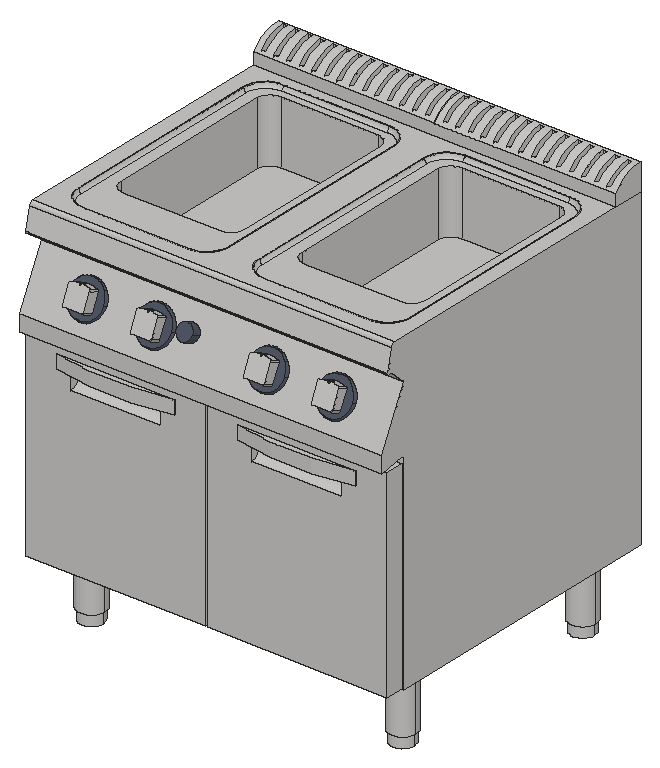
Revit family "QF_ZANUSSI_372091_Z7PCGH2KF0", category Specialty Equipment, Revit 2018
Family settings
  Round Connector Dimension = Use Diameter
  Part Type = Normal
  Work Plane-Based = No
  Always vertical = Yes
  Cut with Voids When Loaded = No
  Shared = No
  Room Calculation Point = No
Parameters
  Width = 800 mm  # constant formula
  Weight in Pounds = 110  # constant formula
  Weight = 0.00 kg
  Watts = 0 W
  Waste Water Discharge Temperature [instance] = -459.67 °F
  Volts = 0 V
  URL Manufacturer = "http://www.zanussiprofessional.com"
  URL Cutsheet = "www.electrolux.com/foodservice"
  URL = "http://www.zanussiprofessional.com"
  Type Mark [instance] = ""
  Steam Supply Size = 0"
  Steam Supply Minimum Pressure = 0.00 psi
  Steam Supply Maximum Pressure = 0.00 psi
  Steam Pounds per Hour = 0
  Status [instance] = ""
  Specification by User [instance] = ""
  Specification by Manufacturer = ""
  Show Logo [instance] = yes
  Show Clearance [instance] = yes
  Serial Number = ""
  Seismic Rating = ""
  SMACNA No = ""
  Revision Code [instance] = ""
  Refrigeration Suction Line Size = 0"
  Refrigeration Liquid Line Size = 0"
  Refrigerant Compressor Remote = yes
  Plumbing Remarks [instance] = ""
  Plumbing Connection Type [instance] = ""
  Phase = 0
  Omniclass Number and Title = ""
  NAFEM Spec ID Number = ""
  Model = "Z7PCGH2KF0"
  Mechanical Remarks [instance] = ""
  Mechanical Connection Type [instance] = ""
  Masterspec = ""
  Manufacturer = "Zanussi"
  Length Actual = 800 mm  # constant formula
  Item Number [instance] = "372091"
  Installed By [instance] = ""
  Indirect Waste Size = 1"  # constant formula
  Indirect Waste Flow [instance] = 0 GPM
  Indirect Waste Connection Type [instance] = ""
  Indirect Waste Connection Height = 0 mm
  Identify Quantity as Lot [instance] = yes
  Hot Water Size = 0"
  Height Actual = 850 mm  # constant formula
  Height = 333 mm  # constant formula
  HP = "0 HP"
  Gas Size = 1/2"  # constant formula
  Gas RI Height [instance] = 0 mm
  Gas KW [instance] = 21  # constant formula
  Gas Input [instance] = 71589.0 Btu/h  # constant formula
  Gas Connection Height = 0 mm
  Furnished By [instance] = ""
  Foodservice Equipment Identifier [instance] = yes
  Direct Waste Size = 1"
  Description = "2-WELL GAS PASTA COOKER 2X24,5 LT 800 MM"
  Depth Actual = 700 mm  # constant formula
  Depth = 715 mm  # constant formula
  Cycle = 0 Hz
  Condensate Return Size = 0"
  Compressed Air Volume = 0 GPM
  Compressed Air Size = 0"
  Compressed Air Pressure = 0.00 psi
  Cold Water Temperature Recommended [instance] = -459.67 °F
  Cold Water Size = 1/2"  # constant formula
  Cold Water RI Height [instance] = 0 mm
  Cold Water Minimum Pressure [instance] = 0.00 psi
  Cold Water Maximum Pressure [instance] = 0.00 psi
  Cold Water Flow [instance] = 0 GPM
  Cold Water Consumption [instance] = ""
  Cold Water Connection Height = 0 mm
  CSI MasterFormat = ""
  CSI Master Format = ""
  Base Height [instance] = 150 mm  # constant formula
  Accessory = yes
Reference planes
  plane 1 "BACK": y = 0
  plane 2: z = 0
  plane 3 "LEFT": x = 0
  plane 4 "RIGHT": x = 800
  plane 5 "FRONT": y = -715
  plane 6 "TOP": z = 908
  plane 7 "Center Y": x = 400
  plane 8 "Center X": y = -357.5
  plane 9 "BASE": z = 600
  plane 10 "TOP A": z = 850
  plane 11: y = -597.884
  plane 12: y = -147.637
  plane 13: z = 938
  plane 14: z = 150
Forms (mm)
  Extrusion 1, solid, material "QF_Finishes_Stainless Steel"
    sketch origin (0, 0, 0) x (0, 1, 0) y (0, 0, 1)
      loop
        line (0, 850) -> (-679.358, 850)
        arc (-679.358, 850) -> (-684.643, 847.811) -> (-686.833, 842.526) r 7.474
        line (-686.833, 842.526) -> (-699.884, 797.011)
        arc (-699.884, 797.011) -> (-699.396, 794.379) -> (-697, 793.184) r 3
        line (-697, 793.184) -> (-686.802, 793.184) -> (-654.982, 761.364) -> (-715, 640.508) -> (-715, 605.508) -> (-658.645, 613.428)
        arc (-658.645, 613.428) -> (-656.101, 612.674) -> (-655, 610.259) r 3.2
        line (-655, 610.259) -> (-655, 150) -> (0, 150) -> (0, 850)
      loop
        line (-700, 600) -> (-700, 155) -> (-660, 155) -> (-660, 600) -> (-700, 600)
    from 0 to 800
  Extrusion 2, solid, material "QF_Finishes_Stainless Steel"
    sketch origin (0, 0, 0) x (0, 1, 0) y (0, 0, 1)
      loop
        line (0, 850) -> (0, 908)
        arc (0, 908) -> (-38.715, 899.821) -> (-69.85, 875.4) r 87.358
        line (-69.85, 875.4) -> (-69.85, 850) -> (0, 850)
    from 0 to 800
  Extrusion 3, void
    sketch origin (0, 0, 850) x (-1, 0, 0) y (0, -1, 0)
      loop
        arc (-316.662, 645.265) -> (-352.018, 630.62) -> (-366.662, 595.265) r 50
        line (-366.662, 595.265) -> (-366.662, 140.124)
        arc (-366.662, 140.124) -> (-352.018, 104.769) -> (-316.662, 90.124) r 50
        line (-316.662, 90.124) -> (-83.338, 90.124)
        arc (-83.338, 90.124) -> (-47.982, 104.769) -> (-33.338, 140.124) r 50
        line (-33.338, 140.124) -> (-33.338, 595.265)
        arc (-33.338, 595.265) -> (-47.982, 630.62) -> (-83.338, 645.265) r 50
        line (-83.338, 645.265) -> (-316.662, 645.265)
      loop
        line (-483.337, 645.265) -> (-716.662, 645.265)
        arc (-716.662, 645.265) -> (-752.018, 630.62) -> (-766.662, 595.265) r 50
        line (-766.662, 595.265) -> (-766.662, 140.124)
        arc (-766.662, 140.124) -> (-752.018, 104.769) -> (-716.662, 90.124) r 50
        line (-716.662, 90.124) -> (-483.337, 90.124)
        arc (-483.337, 90.124) -> (-447.982, 104.769) -> (-433.337, 140.124) r 50
        line (-433.337, 140.124) -> (-433.337, 595.265)
        arc (-433.337, 595.265) -> (-447.982, 630.62) -> (-483.337, 645.265) r 50
    from 0 to -152.4
  Extrusion 4, void
    sketch origin (0, 0, 850) x (-1, 0, 0) y (0, -1, 0)
      loop
        line (-13.453, 6.761) -> (-13.453, 63.911) -> (-22.749, 63.911) -> (-22.749, 6.761) -> (-13.453, 6.761)
    from 25.4 to 63.5
  Extrusion 5, solid, material "QF_Finishes_Clearance", visible <- "Show Clearance", detail levels coarse
    sketch origin (0, 0, 0) x (1, 0, 0) y (0, 1, 0)
      loop
        line (0, -715) -> (0, 0) -> (800, 0) -> (800, -715) -> (950.019, -715) -> (950.019, 150.019) -> (-150.019, 150.019) -> (-150.019, -715) -> (0, -715)
    from 0 to 908
  Extrusion 6, void
    sketch origin (361.95, 0, 850) x (-1, 0, 0) y (0, -1, 0)
      loop
        line (-13.403, 6.761) -> (-13.403, 63.911) -> (-22.699, 63.911) -> (-22.699, 6.761) -> (-13.403, 6.761)
    from 25.4 to 63.5
  Extrusion 7, void
    sketch origin (27.842, 0, 850) x (-1, 0, 0) y (0, -1, 0)
      loop
        line (-13.453, 6.761) -> (-13.453, 63.911) -> (-22.749, 63.911) -> (-22.749, 6.761) -> (-13.453, 6.761)
    from 25.4 to 63.5
  Extrusion 8, void
    sketch origin (55.685, 0, 850) x (-1, 0, 0) y (0, -1, 0)
      loop
        line (-13.453, 6.761) -> (-13.453, 63.911) -> (-22.749, 63.911) -> (-22.749, 6.761) -> (-13.453, 6.761)
    from 25.4 to 63.5
  Extrusion 9, void
    sketch origin (83.527, 0, 850) x (-1, 0, 0) y (0, -1, 0)
      loop
        line (-13.453, 6.761) -> (-13.453, 63.911) -> (-22.749, 63.911) -> (-22.749, 6.761) -> (-13.453, 6.761)
    from 25.4 to 63.5
  Extrusion 10, void
    sketch origin (111.369, 0, 850) x (-1, 0, 0) y (0, -1, 0)
      loop
        line (-13.453, 6.761) -> (-13.453, 63.911) -> (-22.749, 63.911) -> (-22.749, 6.761) -> (-13.453, 6.761)
    from 25.4 to 63.5
  Extrusion 11, void
    sketch origin (139.212, 0, 850) x (-1, 0, 0) y (0, -1, 0)
      loop
        line (-13.453, 6.761) -> (-13.453, 63.911) -> (-22.749, 63.911) -> (-22.749, 6.761) -> (-13.453, 6.761)
    from 25.4 to 63.5
  Extrusion 12, void
    sketch origin (167.054, 0, 850) x (-1, 0, 0) y (0, -1, 0)
      loop
        line (-13.453, 6.761) -> (-13.453, 63.911) -> (-22.749, 63.911) -> (-22.749, 6.761) -> (-13.453, 6.761)
    from 25.4 to 63.5
  Extrusion 13, void
    sketch origin (194.896, 0, 850) x (-1, 0, 0) y (0, -1, 0)
      loop
        line (-13.403, 6.761) -> (-13.403, 63.911) -> (-22.699, 63.911) -> (-22.699, 6.761) -> (-13.403, 6.761)
    from 25.4 to 63.5
  Extrusion 14, void
    sketch origin (222.738, 0, 850) x (-1, 0, 0) y (0, -1, 0)
      loop
        line (-13.403, 6.761) -> (-13.403, 63.911) -> (-22.699, 63.911) -> (-22.699, 6.761) -> (-13.403, 6.761)
    from 25.4 to 63.5
  Extrusion 15, void
    sketch origin (250.581, 0, 850) x (-1, 0, 0) y (0, -1, 0)
      loop
        line (-13.403, 6.761) -> (-13.403, 63.911) -> (-22.699, 63.911) -> (-22.699, 6.761) -> (-13.403, 6.761)
    from 25.4 to 63.5
  Extrusion 16, void
    sketch origin (278.423, 0, 850) x (-1, 0, 0) y (0, -1, 0)
      loop
        line (-13.403, 6.761) -> (-13.403, 63.911) -> (-22.699, 63.911) -> (-22.699, 6.761) -> (-13.403, 6.761)
    from 25.4 to 63.5
  Extrusion 17, void
    sketch origin (306.265, 0, 850) x (-1, 0, 0) y (0, -1, 0)
      loop
        line (-13.403, 6.761) -> (-13.403, 63.911) -> (-22.699, 63.911) -> (-22.699, 6.761) -> (-13.403, 6.761)
    from 25.4 to 63.5
  Extrusion 18, void
    sketch origin (334.108, 0, 850) x (-1, 0, 0) y (0, -1, 0)
      loop
        line (-13.403, 6.761) -> (-13.403, 63.911) -> (-22.699, 63.911) -> (-22.699, 6.761) -> (-13.403, 6.761)
    from 25.4 to 63.5
  Extrusion 19, void
    sketch origin (800.1, 0, 850) x (1, 0, 0) y (0, 1, 0)
      loop
        line (-13.553, -6.761) -> (-22.849, -6.761) -> (-22.849, -63.911) -> (-13.553, -63.911) -> (-13.553, -6.761)
    from 25.4 to 63.5
  Extrusion 20, void
    sketch origin (438.15, 0, 850) x (1, 0, 0) y (0, 1, 0)
      loop
        line (-13.503, -6.761) -> (-22.799, -6.761) -> (-22.799, -63.911) -> (-13.503, -63.911) -> (-13.503, -6.761)
    from 25.4 to 63.5
  Extrusion 21, void
    sketch origin (772.258, 0, 850) x (1, 0, 0) y (0, 1, 0)
      loop
        line (-13.553, -6.761) -> (-22.849, -6.761) -> (-22.849, -63.911) -> (-13.553, -63.911) -> (-13.553, -6.761)
    from 25.4 to 63.5
  Extrusion 22, void
    sketch origin (744.415, 0, 850) x (1, 0, 0) y (0, 1, 0)
      loop
        line (-13.553, -6.761) -> (-22.849, -6.761) -> (-22.849, -63.911) -> (-13.553, -63.911) -> (-13.553, -6.761)
    from 25.4 to 63.5
  Extrusion 23, void
    sketch origin (716.573, 0, 850) x (1, 0, 0) y (0, 1, 0)
      loop
        line (-13.553, -6.761) -> (-22.849, -6.761) -> (-22.849, -63.911) -> (-13.553, -63.911) -> (-13.553, -6.761)
    from 25.4 to 63.5
  Extrusion 24, void
    sketch origin (688.731, 0, 850) x (1, 0, 0) y (0, 1, 0)
      loop
        line (-13.553, -6.761) -> (-22.849, -6.761) -> (-22.849, -63.911) -> (-13.553, -63.911) -> (-13.553, -6.761)
    from 25.4 to 63.5
  Extrusion 25, void
    sketch origin (660.888, 0, 850) x (1, 0, 0) y (0, 1, 0)
      loop
        line (-13.553, -6.761) -> (-22.849, -6.761) -> (-22.849, -63.911) -> (-13.553, -63.911) -> (-13.553, -6.761)
    from 25.4 to 63.5
  Extrusion 26, void
    sketch origin (633.046, 0, 850) x (1, 0, 0) y (0, 1, 0)
      loop
        line (-13.553, -6.761) -> (-22.849, -6.761) -> (-22.849, -63.911) -> (-13.553, -63.911) -> (-13.553, -6.761)
    from 25.4 to 63.5
  Extrusion 27, void
    sketch origin (605.204, 0, 850) x (1, 0, 0) y (0, 1, 0)
      loop
        line (-13.503, -6.761) -> (-22.799, -6.761) -> (-22.799, -63.911) -> (-13.503, -63.911) -> (-13.503, -6.761)
    from 25.4 to 63.5
  Extrusion 28, void
    sketch origin (577.362, 0, 850) x (1, 0, 0) y (0, 1, 0)
      loop
        line (-13.503, -6.761) -> (-22.799, -6.761) -> (-22.799, -63.911) -> (-13.503, -63.911) -> (-13.503, -6.761)
    from 25.4 to 63.5
  Extrusion 29, void
    sketch origin (549.519, 0, 850) x (1, 0, 0) y (0, 1, 0)
      loop
        line (-13.503, -6.761) -> (-22.799, -6.761) -> (-22.799, -63.911) -> (-13.503, -63.911) -> (-13.503, -6.761)
    from 25.4 to 63.5
  Extrusion 30, void
    sketch origin (521.677, 0, 850) x (1, 0, 0) y (0, 1, 0)
      loop
        line (-13.503, -6.761) -> (-22.799, -6.761) -> (-22.799, -63.911) -> (-13.503, -63.911) -> (-13.503, -6.761)
    from 25.4 to 63.5
  Extrusion 31, void
    sketch origin (493.835, 0, 850) x (1, 0, 0) y (0, 1, 0)
      loop
        line (-13.503, -6.761) -> (-22.799, -6.761) -> (-22.799, -63.911) -> (-13.503, -63.911) -> (-13.503, -6.761)
    from 25.4 to 63.5
  Extrusion 32, void
    sketch origin (465.992, 0, 850) x (1, 0, 0) y (0, 1, 0)
      loop
        line (-13.503, -6.761) -> (-22.799, -6.761) -> (-22.799, -63.911) -> (-13.503, -63.911) -> (-13.503, -6.761)
    from 25.4 to 63.5
  Extrusion 33, void
    sketch origin (418.151, 0, 850) x (1, 0, 0) y (0, 1, 0)
      loop
        line (-16.563, 0) -> (-19.738, 0) -> (-19.738, -69.85) -> (-16.563, -69.85) -> (-16.563, 0)
    from 25.4 to 63.5
  Revolve 34, solid, material "QF_Finishes_Stainless Steel"
    sketch origin (0, -587.387, 608.09) x (0, 0, 1) y (-1, 0, 0)
      loop
        line (-608.09, -56) -> (-458.09, -56) -> (-458.09, -26) -> (-583.09, -26) -> (-583.09, -29.75) -> (-608.09, -29.75) -> (-608.09, -56)
      axis (-608.09, -56) -> (-458.09, -56)
    angle from 0 to 360
  Revolve 35, solid, material "QF_Finishes_Stainless Steel"
    sketch origin (0, -90, 608.09) x (0, 0, 1) y (-1, 0, 0)
      loop
        line (-608.09, -56) -> (-458.09, -56) -> (-458.09, -26) -> (-583.09, -26) -> (-583.09, -29.75) -> (-608.09, -29.75) -> (-608.09, -56)
      axis (-608.09, -56) -> (-458.09, -56)
    angle from 0 to 360
  Revolve 36, solid, material "QF_Finishes_Stainless Steel"
    sketch origin (800.1, -587.387, 608.09) x (0, 0, 1) y (-1, 0, 0)
      loop
        line (-608.09, 56.1) -> (-608.09, 29.85) -> (-583.09, 29.85) -> (-583.09, 26.1) -> (-458.09, 26.1) -> (-458.09, 56.1) -> (-608.09, 56.1)
      axis (-608.09, 56.1) -> (-458.09, 56.1)
    angle from 0 to 360
  Revolve 37, solid, material "QF_Finishes_Stainless Steel"
    sketch origin (800.1, -90, 608.09) x (0, 0, 1) y (-1, 0, 0)
      loop
        line (-608.09, 56.1) -> (-608.09, 29.85) -> (-583.09, 29.85) -> (-583.09, 26.1) -> (-458.09, 26.1) -> (-458.09, 56.1) -> (-608.09, 56.1)
      axis (-608.09, 56.1) -> (-458.09, 56.1)
    angle from 0 to 360
  Extrusion 38, solid, material "QF_Finishes_Stainless Steel"
    sketch origin (-77.88, -4572, 150) x (-1, 0, 0) y (0, -1, 0)
      loop
        circle (-142.88, -4069) r 6.35
      loop
        circle (-709.88, -3991) r 12.7
      loop
        circle (-812.88, -4071) r 6.35
      loop
        circle (-309.88, -3991) r 12.7
    from 0 to -12.7
  Extrusion 39, solid, material "QF_Finishes_Stainless Steel"
    sketch origin (-77.88, -4572, 850) x (-1, 0, 0) y (0, -1, 0)
      loop
        line (-111.217, -4431.876) -> (-111.217, -3976.735)
        arc (-111.217, -3976.735) -> (-125.862, -3941.38) -> (-161.217, -3926.735) r 50
        line (-161.217, -3926.735) -> (-394.542, -3926.735)
        arc (-394.542, -3926.735) -> (-429.897, -3941.38) -> (-444.542, -3976.735) r 50
        line (-444.542, -3976.735) -> (-444.542, -4431.876)
        arc (-444.542, -4431.876) -> (-429.897, -4467.231) -> (-394.542, -4481.876) r 50
        line (-394.542, -4481.876) -> (-161.217, -4481.876)
        arc (-161.217, -4481.876) -> (-125.862, -4467.231) -> (-111.217, -4431.876) r 50
      loop
        arc (-414.542, -4431.876) -> (-405.755, -4453.089) -> (-384.542, -4461.876) r 30
        line (-384.542, -4461.876) -> (-171.217, -4461.876)
        arc (-171.217, -4461.876) -> (-150.004, -4453.089) -> (-141.217, -4431.876) r 30
        line (-141.217, -4431.876) -> (-141.217, -4056.735)
        arc (-141.217, -4056.735) -> (-150.004, -4035.522) -> (-171.217, -4026.735) r 30
        line (-171.217, -4026.735) -> (-384.542, -4026.735)
        arc (-384.542, -4026.735) -> (-405.755, -4035.522) -> (-414.542, -4056.735) r 30
        line (-414.542, -4056.735) -> (-414.542, -4431.876)
      loop
        arc (-844.542, -4431.876) -> (-829.897, -4467.231) -> (-794.542, -4481.876) r 50
        line (-794.542, -4481.876) -> (-561.217, -4481.876)
        arc (-561.217, -4481.876) -> (-525.862, -4467.231) -> (-511.217, -4431.876) r 50
        line (-511.217, -4431.876) -> (-511.217, -3976.735)
        arc (-511.217, -3976.735) -> (-525.862, -3941.38) -> (-561.217, -3926.735) r 50
        line (-561.217, -3926.735) -> (-794.542, -3926.735)
        arc (-794.542, -3926.735) -> (-829.897, -3941.38) -> (-844.542, -3976.735) r 50
        line (-844.542, -3976.735) -> (-844.542, -4431.876)
      loop
        line (-541.217, -4431.876) -> (-541.217, -4056.735)
        arc (-541.217, -4056.735) -> (-550.004, -4035.522) -> (-571.217, -4026.735) r 30
        line (-571.217, -4026.735) -> (-784.542, -4026.735)
        arc (-784.542, -4026.735) -> (-805.755, -4035.522) -> (-814.542, -4056.735) r 30
        line (-814.542, -4056.735) -> (-814.542, -4431.876)
        arc (-814.542, -4431.876) -> (-805.755, -4453.089) -> (-784.542, -4461.876) r 30
        line (-784.542, -4461.876) -> (-571.217, -4461.876)
        arc (-571.217, -4461.876) -> (-550.004, -4453.089) -> (-541.217, -4431.876) r 30
    from -12.7 to -152.4
  Sweep 40, solid, material "QF_Finishes_Stainless Steel"
    path origin (-77.88, -4572, 850) x (-1, 0, 0) y (0, -1, 0)
      loop
        line (-111.217, -4431.876) -> (-111.217, -3976.735)
        arc (-111.217, -3976.735) -> (-125.862, -3941.38) -> (-161.217, -3926.735) r 50
        line (-161.217, -3926.735) -> (-394.542, -3926.735)
        arc (-394.542, -3926.735) -> (-429.897, -3941.38) -> (-444.542, -3976.735) r 50
        line (-444.542, -3976.735) -> (-444.542, -4431.876)
        arc (-444.542, -4431.876) -> (-429.897, -4467.231) -> (-394.542, -4481.876) r 50
        line (-394.542, -4481.876) -> (-161.217, -4481.876)
        arc (-161.217, -4481.876) -> (-125.862, -4467.231) -> (-111.217, -4431.876) r 50
    profile origin (33.338, -367.694, 850) x (1, 0, 0) y (0, 0, 1)
      loop
        line (0, 0) -> (0, -10.84) -> (5.055, -10.84)
        arc (5.055, -10.84) -> (1.326, -5.98) -> (0, 0) r 14.151
  Sweep 41, solid, material "QF_Finishes_Stainless Steel"
    path origin (877.98, -4572, 850) x (1, 0, 0) y (0, 1, 0)
      loop
        arc (-111.317, 4431.876) -> (-125.962, 4467.231) -> (-161.317, 4481.876) r 50
        line (-161.317, 4481.876) -> (-394.642, 4481.876)
        arc (-394.642, 4481.876) -> (-429.997, 4467.231) -> (-444.642, 4431.876) r 50
        line (-444.642, 4431.876) -> (-444.642, 3976.735)
        arc (-444.642, 3976.735) -> (-429.997, 3941.38) -> (-394.642, 3926.735) r 50
        line (-394.642, 3926.735) -> (-161.317, 3926.735)
        arc (-161.317, 3926.735) -> (-125.962, 3941.38) -> (-111.317, 3976.735) r 50
        line (-111.317, 3976.735) -> (-111.317, 4431.876)
    profile origin (766.662, -367.694, 850) x (1, 0, 0) y (0, 0, 1)
      loop
        arc (0, 0) -> (-1.326, -5.98) -> (-5.055, -10.84) r 14.151
        line (-5.055, -10.84) -> (0, -10.84) -> (0, 0)
  Extrusion 42, void
    sketch origin (200, -27.863, 0) x (0, 1, 0) y (0, 0, 1)
      loop
        line (-672.137, 567) -> (-672.137, 517)
        arc (-672.137, 517) -> (-656.47, 524.721) -> (-650.137, 541) r 24.091
        line (-650.137, 541) -> (-650.137, 567) -> (-672.137, 567)
    from -100 to 100
  Extrusion 43, solid, material "QF_Finishes_Stainless Steel"
    sketch origin (-77.88, -4572, 150) x (-1, 0, 0) y (0, -1, 0)
      loop
        arc (-147.606, -3871.085) -> (-277.88, -3857) -> (-408.153, -3871.085) r 609.497
        line (-408.153, -3871.085) -> (-408.153, -3872) -> (-147.606, -3872) -> (-147.606, -3871.085)
    from 400 to 430
  Extrusion 44, void
    sketch origin (600, -27.863, 0) x (0, 1, 0) y (0, 0, 1)
      loop
        line (-672.137, 567) -> (-672.137, 517)
        arc (-672.137, 517) -> (-656.47, 524.721) -> (-650.137, 541) r 24.091
        line (-650.137, 541) -> (-650.137, 567) -> (-672.137, 567)
    from -100 to 100
  Extrusion 45, solid, material "QF_Finishes_Stainless Steel"
    sketch origin (322.12, -4572, 150) x (-1, 0, 0) y (0, -1, 0)
      loop
        arc (-147.606, -3871.085) -> (-277.88, -3857) -> (-408.153, -3871.085) r 609.497
        line (-408.153, -3871.085) -> (-408.153, -3872) -> (-147.606, -3872) -> (-147.606, -3871.085)
    from 400 to 430
  Extrusion 46, solid, material "QF_Finishes_Door Clearance", visible <- "Show Clearance", detail levels coarse
    sketch origin (0, 0, 850) x (-1, 0, 0) y (0, -1, 0)
      loop
        arc (0, 1073) -> (-280.596, 964.46) -> (-397.87, 687.4) r 385.701
        line (-397.87, 687.4) -> (0, 687.4) -> (0, 1073)
      loop
        line (-800, 1073) -> (-800, 687.4) -> (-402.13, 687.4)
        arc (-402.13, 687.4) -> (-519.404, 964.46) -> (-800, 1073) r 385.701
    from -695 to -250
  Extrusion 47, solid, material "QF_Plastic-Black-Matte"
    sketch origin (467.5, -684.991, 700.936) x (0, 0.444781, 0.895639) y (0, 0.895639, -0.444781)
      loop
        line (26.984, -34) -> (23.984, -34) -> (23.984, -35) -> (26.984, -35)
        arc (26.984, -35) -> (27.691, -34.707) -> (27.984, -34) r 1
        line (27.984, -34) -> (27.984, -19) -> (26.984, -19) -> (26.984, -34)
    from -58.5 to -56.5
  Extrusion 48, solid, material "QF_Finishes_Stainless Steel"
    sketch origin (525, -684.991, 700.936) x (-1, 0, 0) y (0, -0.444781, -0.895639)
      loop
        line (17.5, -17.5) -> (17.5, 17.5) -> (-17.5, 17.5) -> (-17.5, -17.5) -> (17.5, -17.5)
    from 5 to 10
  Extrusion 49, solid, material "QF_Finishes_Stainless Steel"
    sketch origin (525, -684.991, 700.936) x (-1, 0, 0) y (0, -0.444781, -0.895639)
      loop
        arc (-21.147, -22.789) -> (0, -26.984) -> (21.147, -22.789) r 55.4
        arc (21.147, -22.789) -> (22.494, -21.685) -> (23, -20.019) r 2.997
        line (23, -20.019) -> (23, 20.019)
        arc (23, 20.019) -> (22.122, 22.138) -> (20.003, 23.016) r 2.997
        line (20.003, 23.016) -> (-20.003, 23.016)
        arc (-20.003, 23.016) -> (-22.122, 22.138) -> (-23, 20.019) r 2.997
        line (-23, 20.019) -> (-23, -20.019)
        arc (-23, -20.019) -> (-22.494, -21.685) -> (-21.147, -22.789) r 2.997
    from 10 to 34
  Blend 50, solid, material "QF_Finishes_Navy Blue"
    base sketch origin (525, -684.991, 700.936) x (1, 0, 0) y (0, 0.444781, 0.895639)
      loop
        circle (0, 0) r 42.5
    top sketch origin (525, -684.991, 700.936) x (1, 0, 0) y (0, 0.444781, 0.895639)
      loop
        circle (0, 0) r 40.5
    from 0 to 5
  Extrusion 51, solid, material "QF_Finishes_Navy Blue"
    sketch origin (407.51, -679.639, 711.713) x (1, 0, 0) y (0, 0.444781, 0.895639)
      loop
        circle (-55.001, 0) r 18
    from 3 to 23
  Extrusion 52, solid, material "QF_Finishes_Stainless Steel"
    sketch origin (268.509, -679.639, 711.713) x (1, 0, 0) y (0, 0.444781, 0.895639)
      loop
        circle (84, 0) r 15
    from 3 to 0
  Extrusion 53, solid, material "QF_Plastic-Black-Matte"
    sketch origin (617.5, -684.991, 700.936) x (0, 0.444781, 0.895639) y (0, 0.895639, -0.444781)
      loop
        line (26.984, -34) -> (23.984, -34) -> (23.984, -35) -> (26.984, -35)
        arc (26.984, -35) -> (27.691, -34.707) -> (27.984, -34) r 1
        line (27.984, -34) -> (27.984, -19) -> (26.984, -19) -> (26.984, -34)
    from -58.5 to -56.5
  Extrusion 54, solid, material "QF_Finishes_Stainless Steel"
    sketch origin (675, -684.991, 700.936) x (-1, 0, 0) y (0, -0.444781, -0.895639)
      loop
        line (17.5, -17.5) -> (17.5, 17.5) -> (-17.5, 17.5) -> (-17.5, -17.5) -> (17.5, -17.5)
    from 5 to 10
  Extrusion 55, solid, material "QF_Finishes_Stainless Steel"
    sketch origin (675, -684.991, 700.936) x (-1, 0, 0) y (0, -0.444781, -0.895639)
      loop
        arc (-21.147, -22.789) -> (0, -26.984) -> (21.147, -22.789) r 55.4
        arc (21.147, -22.789) -> (22.494, -21.685) -> (23, -20.019) r 2.997
        line (23, -20.019) -> (23, 20.019)
        arc (23, 20.019) -> (22.122, 22.138) -> (20.003, 23.016) r 2.997
        line (20.003, 23.016) -> (-20.003, 23.016)
        arc (-20.003, 23.016) -> (-22.122, 22.138) -> (-23, 20.019) r 2.997
        line (-23, 20.019) -> (-23, -20.019)
        arc (-23, -20.019) -> (-22.494, -21.685) -> (-21.147, -22.789) r 2.997
    from 10 to 34
  Blend 56, solid, material "QF_Finishes_Navy Blue"
    base sketch origin (675, -684.991, 700.936) x (1, 0, 0) y (0, 0.444781, 0.895639)
      loop
        circle (0, 0) r 42.5
    top sketch origin (675, -684.991, 700.936) x (1, 0, 0) y (0, 0.444781, 0.895639)
      loop
        circle (0, 0) r 40.5
    from 0 to 5
  Extrusion 57, solid, material "QF_Plastic-Black-Matte"
    sketch origin (67.5, -684.991, 700.936) x (0, 0.444781, 0.895639) y (0, 0.895639, -0.444781)
      loop
        line (26.984, -34) -> (23.984, -34) -> (23.984, -35) -> (26.984, -35)
        arc (26.984, -35) -> (27.691, -34.707) -> (27.984, -34) r 1
        line (27.984, -34) -> (27.984, -19) -> (26.984, -19) -> (26.984, -34)
    from -58.5 to -56.5
  Extrusion 58, solid, material "QF_Finishes_Stainless Steel"
    sketch origin (125, -684.991, 700.936) x (-1, 0, 0) y (0, -0.444781, -0.895639)
      loop
        line (17.5, -17.5) -> (17.5, 17.5) -> (-17.5, 17.5) -> (-17.5, -17.5) -> (17.5, -17.5)
    from 5 to 10
  Extrusion 59, solid, material "QF_Finishes_Stainless Steel"
    sketch origin (125, -684.991, 700.936) x (-1, 0, 0) y (0, -0.444781, -0.895639)
      loop
        arc (-21.147, -22.789) -> (0, -26.984) -> (21.147, -22.789) r 55.4
        arc (21.147, -22.789) -> (22.494, -21.685) -> (23, -20.019) r 2.997
        line (23, -20.019) -> (23, 20.019)
        arc (23, 20.019) -> (22.122, 22.138) -> (20.003, 23.016) r 2.997
        line (20.003, 23.016) -> (-20.003, 23.016)
        arc (-20.003, 23.016) -> (-22.122, 22.138) -> (-23, 20.019) r 2.997
        line (-23, 20.019) -> (-23, -20.019)
        arc (-23, -20.019) -> (-22.494, -21.685) -> (-21.147, -22.789) r 2.997
    from 10 to 34
  Blend 60, solid, material "QF_Finishes_Navy Blue"
    base sketch origin (125, -684.991, 700.936) x (1, 0, 0) y (0, 0.444781, 0.895639)
      loop
        circle (0, 0) r 42.5
    top sketch origin (125, -684.991, 700.936) x (1, 0, 0) y (0, 0.444781, 0.895639)
      loop
        circle (0, 0) r 40.5
    from 0 to 5
  Extrusion 61, solid, material "QF_Plastic-Black-Matte"
    sketch origin (217.5, -684.991, 700.936) x (0, 0.444781, 0.895639) y (0, 0.895639, -0.444781)
      loop
        line (26.984, -34) -> (23.984, -34) -> (23.984, -35) -> (26.984, -35)
        arc (26.984, -35) -> (27.691, -34.707) -> (27.984, -34) r 1
        line (27.984, -34) -> (27.984, -19) -> (26.984, -19) -> (26.984, -34)
    from -58.5 to -56.5
  Extrusion 62, solid, material "QF_Finishes_Stainless Steel"
    sketch origin (275, -684.991, 700.936) x (-1, 0, 0) y (0, -0.444781, -0.895639)
      loop
        line (17.5, -17.5) -> (17.5, 17.5) -> (-17.5, 17.5) -> (-17.5, -17.5) -> (17.5, -17.5)
    from 5 to 10
  Extrusion 63, solid, material "QF_Finishes_Stainless Steel"
    sketch origin (275, -684.991, 700.936) x (-1, 0, 0) y (0, -0.444781, -0.895639)
      loop
        arc (-21.147, -22.789) -> (0, -26.984) -> (21.147, -22.789) r 55.4
        arc (21.147, -22.789) -> (22.494, -21.685) -> (23, -20.019) r 2.997
        line (23, -20.019) -> (23, 20.019)
        arc (23, 20.019) -> (22.122, 22.138) -> (20.003, 23.016) r 2.997
        line (20.003, 23.016) -> (-20.003, 23.016)
        arc (-20.003, 23.016) -> (-22.122, 22.138) -> (-23, 20.019) r 2.997
        line (-23, 20.019) -> (-23, -20.019)
        arc (-23, -20.019) -> (-22.494, -21.685) -> (-21.147, -22.789) r 2.997
    from 10 to 34
  Blend 64, solid, material "QF_Finishes_Navy Blue"
    base sketch origin (275, -684.991, 700.936) x (1, 0, 0) y (0, 0.444781, 0.895639)
      loop
        circle (0, 0) r 42.5
    top sketch origin (275, -684.991, 700.936) x (1, 0, 0) y (0, 0.444781, 0.895639)
      loop
        circle (0, 0) r 40.5
    from 0 to 5
  Extrusion 65, void
    sketch origin (0, -660.4, 150) x (0, 0, 1) y (-1, 0, 0)
      loop
        line (450, -397.87) -> (5, -397.87) -> (5, -402.13) -> (450, -402.13) -> (450, -397.87)
    from 39.6 to -0.4
Cuts and joins
  Extrusion 3, Extrusion 4, Extrusion 42, Extrusion 44, Extrusion 65 cuts Extrusion 1
  Extrusion 4, Extrusion 6, Extrusion 7, Extrusion 8, Extrusion 9, Extrusion 10, Extrusion 11, Extrusion 12, Extrusion 13, Extrusion 14, Extrusion 15, Extrusion 16, Extrusion 17, Extrusion 18, Extrusion 19, Extrusion 20, Extrusion 21, Extrusion 22, Extrusion 23, Extrusion 24, Extrusion 25, Extrusion 26, Extrusion 27, Extrusion 28, Extrusion 29, Extrusion 30, Extrusion 31, Extrusion 32, Extrusion 33 cuts Extrusion 2
  Extrusion 6, Extrusion 7, Extrusion 8, Extrusion 9, Extrusion 10, Extrusion 11, Extrusion 12, Extrusion 13, Extrusion 14, Extrusion 15, Extrusion 16, Extrusion 17, Extrusion 18, Extrusion 19, Extrusion 20, Extrusion 21, Extrusion 22, Extrusion 23, Extrusion 24, Extrusion 25, Extrusion 26, Extrusion 27, Extrusion 28, Extrusion 29, Extrusion 30, Extrusion 31, Extrusion 32, Extrusion 33 cuts Extrusion 5
  Extrusion 65 cuts Extrusion 46
Lines and regions (mm)
  Split face 1
    outline origin (525, -689.469, 703.16) x (1, 0, 0) y (0, 0.444781, 0.895639)
      loop
        circle (0, 34.714) r 1.714
  Split face 2
    outline origin (525, -689.469, 703.16) x (1, 0, 0) y (0, 0.444781, 0.895639)
      loop
        circle (-17.357, 30.063) r 2
  Split face 3
    outline origin (525, -689.469, 703.16) x (1, 0, 0) y (0, 0.444781, 0.895639)
      loop
        circle (17.357, 30.063) r 2
  Split face 4
    outline origin (525, -689.469, 703.16) x (1, 0, 0) y (0, 0.444781, 0.895639)
      loop
        line (-23.985, -28.584) -> (-20.542, -24.481)
        arc (-20.542, -24.481) -> (-27.511, -15.911) -> (-31.231, -5.511) r 32.719
        line (-31.231, -5.511) -> (-37.141, -6.549)
        arc (-37.141, -6.549) -> (-32.568, -18.764) -> (-23.985, -28.584) r 36.411
  Split face 5
    outline origin (525, -689.469, 703.16) x (1, 0, 0) y (0, 0.444781, 0.895639)
      loop
        arc (20.441, -26.163) -> (0.211, -32.559) -> (-19.689, -25.201) r 32.719
        line (-19.689, -25.201) -> (-22.952, -29.377)
        arc (-22.952, -29.377) -> (-0.277, -36.495) -> (21.959, -28.107) r 36.411
        line (21.959, -28.107) -> (20.441, -26.163)
  Split face 6
    outline origin (525, -689.469, 703.16) x (1, 0, 0) y (0, 0.444781, 0.895639)
      loop
        line (21.361, -25.457) -> (22.903, -27.295)
        arc (22.903, -27.295) -> (31.935, -14.958) -> (35.104, 0) r 36.411
        line (35.104, 0) -> (33.714, 0)
        arc (33.714, 0) -> (30.431, -14.133) -> (21.361, -25.457) r 32.719
  Split face 7
    outline origin (525, -689.469, 703.16) x (1, 0, 0) y (0, 0.444781, 0.895639)
      loop
        arc (-37.695, 1.149) -> (-34.899, -3.19) -> (-31.619, 0.795) r 3.195
        line (-31.619, 0.795) -> (-32.379, 3.751)
        arc (-32.379, 3.751) -> (-34.462, 5.448) -> (-36.693, 3.952) r 2.258
        line (-36.693, 3.952) -> (-37.695, 1.149)
  Split face 8
    outline origin (675, -689.469, 703.16) x (1, 0, 0) y (0, 0.444781, 0.895639)
      loop
        arc (-0.521, 36.501) -> (-26.491, 26.394) -> (-37.708, 0.884) r 36.411
        line (-37.708, 0.884) -> (-31.708, 0.884)
        arc (-31.708, 0.884) -> (-21.998, 23.844) -> (-0.521, 36.501) r 39.733
  Split face 9
    outline origin (125, -689.469, 703.16) x (1, 0, 0) y (0, 0.444781, 0.895639)
      loop
        circle (0, 34.714) r 1.714
  Split face 10
    outline origin (125, -689.469, 703.16) x (1, 0, 0) y (0, 0.444781, 0.895639)
      loop
        circle (-17.357, 30.063) r 2
  Split face 11
    outline origin (125, -689.469, 703.16) x (1, 0, 0) y (0, 0.444781, 0.895639)
      loop
        circle (17.357, 30.063) r 2
  Split face 12
    outline origin (125, -689.469, 703.16) x (1, 0, 0) y (0, 0.444781, 0.895639)
      loop
        line (-23.985, -28.584) -> (-20.542, -24.481)
        arc (-20.542, -24.481) -> (-27.511, -15.911) -> (-31.231, -5.511) r 32.719
        line (-31.231, -5.511) -> (-37.141, -6.549)
        arc (-37.141, -6.549) -> (-32.568, -18.764) -> (-23.985, -28.584) r 36.411
  Split face 13
    outline origin (125, -689.469, 703.16) x (1, 0, 0) y (0, 0.444781, 0.895639)
      loop
        arc (20.441, -26.163) -> (0.211, -32.559) -> (-19.689, -25.201) r 32.719
        line (-19.689, -25.201) -> (-22.952, -29.377)
        arc (-22.952, -29.377) -> (-0.277, -36.495) -> (21.959, -28.107) r 36.411
        line (21.959, -28.107) -> (20.441, -26.163)
  Split face 14
    outline origin (125, -689.469, 703.16) x (1, 0, 0) y (0, 0.444781, 0.895639)
      loop
        line (21.361, -25.457) -> (22.903, -27.295)
        arc (22.903, -27.295) -> (31.935, -14.958) -> (35.104, 0) r 36.411
        line (35.104, 0) -> (33.714, 0)
        arc (33.714, 0) -> (30.431, -14.133) -> (21.361, -25.457) r 32.719
  Split face 15
    outline origin (125, -689.469, 703.16) x (1, 0, 0) y (0, 0.444781, 0.895639)
      loop
        arc (-37.695, 1.149) -> (-34.899, -3.19) -> (-31.619, 0.795) r 3.195
        line (-31.619, 0.795) -> (-32.379, 3.751)
        arc (-32.379, 3.751) -> (-34.462, 5.448) -> (-36.693, 3.952) r 2.258
        line (-36.693, 3.952) -> (-37.695, 1.149)
  Split face 16
    outline origin (275, -689.469, 703.16) x (1, 0, 0) y (0, 0.444781, 0.895639)
      loop
        arc (-0.521, 36.501) -> (-26.491, 26.394) -> (-37.708, 0.884) r 36.411
        line (-37.708, 0.884) -> (-31.708, 0.884)
        arc (-31.708, 0.884) -> (-21.998, 23.844) -> (-0.521, 36.501) r 39.733
  symbolic lines, style "QF-Clearances", visible <- "Show Clearance", detail levels coarse
    curve 1: line (-150.019, 150.019, 850) -> (-150.019, -716.377, 850)
    curve 2: line (950.019, 150.019, 850) -> (-150.019, 150.019, 850)
    curve 3: line (950.019, -716.377, 850) -> (950.019, 150.019, 850)
  symbolic lines
    curve 4: line (0, 0, 850) -> (800, 0, 850)
    curve 5: line (0, -715, 850) -> (0, 0, 850)
    curve 6: line (800, 0, 850) -> (800, -715, 850)
    curve 7: line (22.699, -6.761, 850) -> (22.699, -63.911, 850)
    curve 8: line (13.403, -63.911, 850) -> (13.403, -6.761, 850)
    curve 9: line (13.403, -6.761, 850) -> (22.699, -6.761, 850)
    curve 10: line (0, -69.85, 850) -> (398.412, -69.85, 850)
    curve 11: line (384.649, -6.761, 850) -> (384.649, -63.911, 850)
    curve 12: line (375.353, -63.911, 850) -> (375.353, -6.761, 850)
    curve 13: line (375.353, -6.761, 850) -> (384.649, -6.761, 850)
    curve 14: line (50.541, -6.761, 850) -> (50.541, -63.911, 850)
    curve 15: line (41.245, -63.911, 850) -> (41.245, -6.761, 850)
    curve 16: line (41.245, -6.761, 850) -> (50.541, -6.761, 850)
    curve 17: line (78.383, -6.761, 850) -> (78.383, -63.911, 850)
    curve 18: line (69.087, -63.911, 850) -> (69.087, -6.761, 850)
    curve 19: line (69.087, -6.761, 850) -> (78.383, -6.761, 850)
    curve 20: line (106.225, -6.761, 850) -> (106.225, -63.911, 850)
    curve 21: line (96.93, -63.911, 850) -> (96.93, -6.761, 850)
    curve 22: line (96.93, -6.761, 850) -> (106.225, -6.761, 850)
    curve 23: line (134.068, -6.761, 850) -> (134.068, -63.911, 850)
    curve 24: line (124.772, -63.911, 850) -> (124.772, -6.761, 850)
    curve 25: line (124.772, -6.761, 850) -> (134.068, -6.761, 850)
    curve 26: line (161.91, -6.761, 850) -> (161.91, -63.911, 850)
    curve 27: line (152.614, -63.911, 850) -> (152.614, -6.761, 850)
    curve 28: line (152.614, -6.761, 850) -> (161.91, -6.761, 850)
    curve 29: line (189.752, -6.761, 850) -> (189.752, -63.911, 850)
    curve 30: line (180.457, -63.911, 850) -> (180.457, -6.761, 850)
    curve 31: line (180.457, -6.761, 850) -> (189.752, -6.761, 850)
    curve 32: line (217.595, -6.761, 850) -> (217.595, -63.911, 850)
    curve 33: line (208.299, -63.911, 850) -> (208.299, -6.761, 850)
    curve 34: line (208.299, -6.761, 850) -> (217.595, -6.761, 850)
    curve 35: line (245.437, -6.761, 850) -> (245.437, -63.911, 850)
    curve 36: line (236.141, -63.911, 850) -> (236.141, -6.761, 850)
    curve 37: line (236.141, -6.761, 850) -> (245.437, -6.761, 850)
    curve 38: line (273.279, -6.761, 850) -> (273.279, -63.911, 850)
    curve 39: line (263.984, -63.911, 850) -> (263.984, -6.761, 850)
    curve 40: line (263.984, -6.761, 850) -> (273.279, -6.761, 850)
    curve 41: line (301.122, -6.761, 850) -> (301.122, -63.911, 850)
    curve 42: line (291.826, -63.911, 850) -> (291.826, -6.761, 850)
    curve 43: line (291.826, -6.761, 850) -> (301.122, -6.761, 850)
    curve 44: line (328.964, -6.761, 850) -> (328.964, -63.911, 850)
    curve 45: line (319.668, -63.911, 850) -> (319.668, -6.761, 850)
    curve 46: line (319.668, -6.761, 850) -> (328.964, -6.761, 850)
    curve 47: line (356.806, -6.761, 850) -> (356.806, -63.911, 850)
    curve 48: line (347.511, -63.911, 850) -> (347.511, -6.761, 850)
    curve 49: line (347.511, -6.761, 850) -> (356.806, -6.761, 850)
    curve 50: line (777.251, -6.761, 850) -> (777.251, -63.911, 850)
    curve 51: line (786.547, -63.911, 850) -> (786.547, -6.761, 850)
    curve 52: line (786.547, -6.761, 850) -> (777.251, -6.761, 850)
    curve 53: line (415.301, -6.761, 850) -> (415.301, -63.911, 850)
    curve 54: line (424.597, -63.911, 850) -> (424.597, -6.761, 850)
    curve 55: line (424.597, -6.761, 850) -> (415.301, -6.761, 850)
    curve 56: line (749.409, -6.761, 850) -> (749.409, -63.911, 850)
    curve 57: line (758.705, -63.911, 850) -> (758.705, -6.761, 850)
    curve 58: line (758.705, -6.761, 850) -> (749.409, -6.761, 850)
    curve 59: line (721.567, -6.761, 850) -> (721.567, -63.911, 850)
    curve 60: line (730.863, -63.911, 850) -> (730.863, -6.761, 850)
    curve 61: line (730.863, -6.761, 850) -> (721.567, -6.761, 850)
    curve 62: line (693.725, -6.761, 850) -> (693.725, -63.911, 850)
    curve 63: line (703.02, -63.911, 850) -> (703.02, -6.761, 850)
    curve 64: line (703.02, -6.761, 850) -> (693.725, -6.761, 850)
    curve 65: line (665.882, -6.761, 850) -> (665.882, -63.911, 850)
    curve 66: line (675.178, -63.911, 850) -> (675.178, -6.761, 850)
    curve 67: line (675.178, -6.761, 850) -> (665.882, -6.761, 850)
    curve 68: line (638.04, -6.761, 850) -> (638.04, -63.911, 850)
    curve 69: line (647.336, -63.911, 850) -> (647.336, -6.761, 850)
    curve 70: line (647.336, -6.761, 850) -> (638.04, -6.761, 850)
    curve 71: line (610.198, -6.761, 850) -> (610.198, -63.911, 850)
    curve 72: line (619.493, -63.911, 850) -> (619.493, -6.761, 850)
    curve 73: line (619.493, -6.761, 850) -> (610.198, -6.761, 850)
    curve 74: line (582.355, -6.761, 850) -> (582.355, -63.911, 850)
    curve 75: line (591.651, -63.911, 850) -> (591.651, -6.761, 850)
    curve 76: line (591.651, -6.761, 850) -> (582.355, -6.761, 850)
    curve 77: line (554.513, -6.761, 850) -> (554.513, -63.911, 850)
    curve 78: line (563.809, -63.911, 850) -> (563.809, -6.761, 850)
    curve 79: line (563.809, -6.761, 850) -> (554.513, -6.761, 850)
    curve 80: line (526.671, -6.761, 850) -> (526.671, -63.911, 850)
    curve 81: line (535.966, -63.911, 850) -> (535.966, -6.761, 850)
    curve 82: line (535.966, -6.761, 850) -> (526.671, -6.761, 850)
    curve 83: line (498.828, -6.761, 850) -> (498.828, -63.911, 850)
    curve 84: line (508.124, -63.911, 850) -> (508.124, -6.761, 850)
    curve 85: line (508.124, -6.761, 850) -> (498.828, -6.761, 850)
    curve 86: line (470.986, -6.761, 850) -> (470.986, -63.911, 850)
    curve 87: line (480.282, -63.911, 850) -> (480.282, -6.761, 850)
    curve 88: line (480.282, -6.761, 850) -> (470.986, -6.761, 850)
    curve 89: line (443.144, -6.761, 850) -> (443.144, -63.911, 850)
    curve 90: line (452.439, -63.911, 850) -> (452.439, -6.761, 850)
    curve 91: line (452.439, -6.761, 850) -> (443.144, -6.761, 850)
    curve 92: line (401.587, -69.85, 850) -> (401.587, 0, 850)
    curve 93: line (398.412, 0, 850) -> (398.412, -69.85, 850)
    curve 94: line (401.587, -69.85, 850) -> (800, -69.85, 850)
    curve 99: line (13.453, -63.911, 0) -> (22.749, -63.911, 0)
    curve 100: line (375.403, -63.911, 0) -> (384.699, -63.911, 0)
    curve 101: line (41.295, -63.911, 0) -> (50.591, -63.911, 0)
    curve 102: line (69.137, -63.911, 0) -> (78.433, -63.911, 0)
    curve 103: line (96.98, -63.911, 0) -> (106.275, -63.911, 0)
    curve 104: line (124.822, -63.911, 0) -> (134.118, -63.911, 0)
    curve 105: line (152.664, -63.911, 0) -> (161.96, -63.911, 0)
    curve 106: line (180.507, -63.911, 0) -> (189.802, -63.911, 0)
    curve 107: line (208.349, -63.911, 0) -> (217.645, -63.911, 0)
    curve 108: line (236.191, -63.911, 0) -> (245.487, -63.911, 0)
    curve 109: line (264.034, -63.911, 0) -> (273.329, -63.911, 0)
    curve 110: line (291.876, -63.911, 0) -> (301.172, -63.911, 0)
    curve 111: line (319.718, -63.911, 0) -> (329.014, -63.911, 0)
    curve 112: line (347.561, -63.911, 0) -> (356.856, -63.911, 0)
    curve 113: line (786.597, -63.911, 0) -> (777.301, -63.911, 0)
    curve 114: line (424.647, -63.911, 0) -> (415.351, -63.911, 0)
    curve 115: line (758.755, -63.911, 0) -> (749.459, -63.911, 0)
    curve 116: line (730.913, -63.911, 0) -> (721.617, -63.911, 0)
    curve 117: line (703.07, -63.911, 0) -> (693.775, -63.911, 0)
    curve 118: line (675.228, -63.911, 0) -> (665.932, -63.911, 0)
    curve 119: line (647.386, -63.911, 0) -> (638.09, -63.911, 0)
    curve 120: line (619.543, -63.911, 0) -> (610.248, -63.911, 0)
    curve 121: line (591.701, -63.911, 0) -> (582.405, -63.911, 0)
    curve 122: line (563.859, -63.911, 0) -> (554.563, -63.911, 0)
    curve 123: line (536.016, -63.911, 0) -> (526.721, -63.911, 0)
    curve 124: line (508.174, -63.911, 0) -> (498.878, -63.911, 0)
    curve 125: line (480.332, -63.911, 0) -> (471.036, -63.911, 0)
    curve 126: line (452.489, -63.911, 0) -> (443.194, -63.911, 0)
    curve 127: line (366.662, -595.265, 850) -> (366.662, -140.124, 850)
    curve 128: arc (366.663, -140.124, 850) -> (352.018, -104.769, 850) -> (316.663, -90.124, 850) r 50
    curve 129: line (316.663, -90.124, 850) -> (83.288, -90.124, 850)
    curve 130: arc (83.288, -90.124, 850) -> (47.968, -104.754, 850) -> (33.338, -140.074, 850) r 49.95
    curve 131: line (33.338, -140.074, 850) -> (33.338, -595.265, 850)
    curve 132: arc (33.338, -595.265, 850) -> (47.982, -630.62, 850) -> (83.338, -645.265, 850) r 50
    curve 133: line (83.338, -645.265, 850) -> (316.662, -645.265, 850)
    curve 134: arc (316.662, -645.265, 850) -> (352.018, -630.62, 850) -> (366.662, -595.265, 850) r 50
    curve 135: line (93.288, -110.124, 850) -> (306.663, -110.124, 850)
    curve 136: arc (306.663, -110.124, 850) -> (327.876, -118.911, 850) -> (336.663, -140.124, 850) r 30
    curve 137: line (336.663, -140.124, 850) -> (336.663, -515.315, 850)
    curve 138: arc (336.663, -515.315, 850) -> (327.876, -536.528, 850) -> (306.663, -545.315, 850) r 30
    curve 139: line (306.663, -545.315, 850) -> (93.338, -545.315, 850)
    curve 140: arc (93.338, -545.315, 850) -> (72.089, -536.513, 850) -> (63.288, -515.265, 850) r 30.05
    curve 141: line (63.288, -515.265, 850) -> (63.288, -140.124, 850)
    curve 142: arc (63.288, -140.124, 850) -> (72.074, -118.911, 850) -> (93.288, -110.124, 850) r 30
    curve 143: line (316.663, -95.179, 850) -> (83.288, -95.179, 850)
    curve 144: arc (83.288, -95.179, 850) -> (51.542, -108.328, 850) -> (38.392, -140.074, 850) r 44.895
    curve 145: line (38.392, -140.074, 850) -> (38.392, -595.265, 850)
    curve 146: arc (38.392, -595.265, 850) -> (51.556, -627.046, 850) -> (83.338, -640.21, 850) r 44.945
    curve 147: line (83.338, -640.21, 850) -> (316.662, -640.21, 850)
    curve 148: arc (316.662, -640.21, 850) -> (348.444, -627.046, 850) -> (361.608, -595.265, 850) r 44.945
    curve 149: line (361.608, -595.265, 850) -> (361.608, -140.124, 850)
    curve 150: arc (361.608, -140.124, 850) -> (348.444, -108.343, 850) -> (316.663, -95.179, 850) r 44.945
    curve 151: line (433.338, -595.265, 850) -> (433.338, -140.074, 850)
    curve 152: arc (433.338, -140.074, 850) -> (447.968, -104.754, 850) -> (483.288, -90.124, 850) r 49.95
    curve 153: line (483.288, -90.124, 850) -> (716.662, -90.124, 850)
    curve 154: arc (716.662, -90.124, 850) -> (752.018, -104.769, 850) -> (766.662, -140.124, 850) r 50
    curve 155: line (766.662, -140.124, 850) -> (766.662, -595.265, 850)
    curve 156: arc (766.662, -595.265, 850) -> (752.018, -630.62, 850) -> (716.662, -645.265, 850) r 50
    curve 157: line (716.662, -645.265, 850) -> (483.338, -645.265, 850)
    curve 158: arc (483.338, -645.265, 850) -> (447.982, -630.62, 850) -> (433.338, -595.265, 850) r 50
    curve 159: line (706.662, -110.124, 850) -> (493.288, -110.124, 850)
    curve 160: arc (493.288, -110.124, 850) -> (472.074, -118.911, 850) -> (463.288, -140.124, 850) r 30
    curve 161: line (463.288, -140.124, 850) -> (463.288, -515.265, 850)
    curve 162: arc (463.288, -515.265, 850) -> (472.089, -536.513, 850) -> (493.338, -545.315, 850) r 30.05
    curve 163: line (493.338, -545.315, 850) -> (706.662, -545.315, 850)
    curve 164: arc (706.662, -545.315, 850) -> (727.876, -536.528, 850) -> (736.662, -515.315, 850) r 30
    curve 165: line (736.662, -515.315, 850) -> (736.662, -140.124, 850)
    curve 166: arc (736.662, -140.124, 850) -> (727.876, -118.911, 850) -> (706.662, -110.124, 850) r 30
    curve 167: line (483.288, -95.179, 850) -> (716.662, -95.179, 850)
    curve 168: arc (716.662, -95.179, 850) -> (748.444, -108.343, 850) -> (761.608, -140.124, 850) r 44.945
    curve 169: line (761.608, -140.124, 850) -> (761.608, -595.265, 850)
    curve 170: arc (761.608, -595.265, 850) -> (748.444, -627.046, 850) -> (716.662, -640.21, 850) r 44.945
    curve 171: line (716.662, -640.21, 850) -> (483.338, -640.21, 850)
    curve 172: arc (483.338, -640.21, 850) -> (451.556, -627.046, 850) -> (438.392, -595.265, 850) r 44.945
    curve 173: line (438.392, -595.265, 850) -> (438.392, -140.074, 850)
    curve 174: arc (438.392, -140.074, 850) -> (451.542, -108.328, 850) -> (483.288, -95.179, 850) r 44.895
    curve 175: line (0, -700, 0) -> (800, -700, 0)
    curve 176: line (102, -700, 0) -> (102, -724.347, 0)
    curve 177: arc (102, -724.347, 0) -> (102.146, -724.811, 0) -> (102.532, -725.107, 0) r 0.809
    curve 178: arc (102.532, -725.107, 0) -> (103.72, -725.587, 0) -> (104.997, -725.68, 0) r 4.127
    curve 179: arc (102, -704.292, 0) -> (96.959, -702.458, 0) -> (92.191, -700, 0) r 42.24
    curve 180: arc (102, -706.539, 0) -> (102.502, -705.818, 0) -> (103.299, -705.448, 0) r 1.682
    curve 181: arc (103.299, -705.448, 0) -> (113.602, -703.95, 0) -> (124, -703.441, 0) r 109.079
    curve 182: line (124, -700, 0) -> (124, -705.671, 0)
    curve 183: line (124, -705.671, 0) -> (126, -705.671, 0)
    curve 184: line (126, -705.671, 0) -> (126, -700, 0)
    curve 185: line (148, -700, 0) -> (148, -724.347, 0)
    curve 186: arc (148, -724.347, 0) -> (147.854, -724.811, 0) -> (147.468, -725.107, 0) r 0.809
    curve 187: arc (147.468, -725.107, 0) -> (146.28, -725.587, 0) -> (145.003, -725.68, 0) r 4.127
    curve 188: arc (148, -704.292, 0) -> (153.041, -702.458, 0) -> (157.809, -700, 0) r 42.24
    curve 189: arc (148, -706.539, 0) -> (147.498, -705.818, 0) -> (146.701, -705.448, 0) r 1.682
    curve 190: arc (146.701, -705.448, 0) -> (136.398, -703.95, 0) -> (126, -703.441, 0) r 109.079
    curve 191: line (104.997, -725.68, 0) -> (145.003, -725.68, 0)
    curve 192: line (298, -700, 0) -> (298, -724.347, 0)
    curve 193: arc (298, -724.347, 0) -> (297.854, -724.811, 0) -> (297.468, -725.107, 0) r 0.809
    curve 194: arc (297.468, -725.107, 0) -> (296.28, -725.587, 0) -> (295.003, -725.68, 0) r 4.127
    curve 195: arc (298, -704.292, 0) -> (303.041, -702.458, 0) -> (307.809, -700, 0) r 42.24
    curve 196: arc (298, -706.539, 0) -> (297.498, -705.818, 0) -> (296.701, -705.448, 0) r 1.682
    curve 197: arc (296.701, -705.448, 0) -> (286.398, -703.95, 0) -> (276, -703.441, 0) r 109.079
    curve 198: line (276, -700, 0) -> (276, -705.671, 0)
    curve 199: line (276, -705.671, 0) -> (274, -705.671, 0)
    curve 200: line (274, -705.671, 0) -> (274, -700, 0)
    curve 201: line (252, -700, 0) -> (252, -724.347, 0)
    curve 202: arc (252, -724.347, 0) -> (252.146, -724.811, 0) -> (252.532, -725.107, 0) r 0.809
    curve 203: arc (252.532, -725.107, 0) -> (253.72, -725.587, 0) -> (254.997, -725.68, 0) r 4.127
    curve 204: arc (252, -704.292, 0) -> (246.959, -702.458, 0) -> (242.191, -700, 0) r 42.24
    curve 205: arc (252, -706.539, 0) -> (252.502, -705.818, 0) -> (253.299, -705.448, 0) r 1.682
    curve 206: arc (253.299, -705.448, 0) -> (263.602, -703.95, 0) -> (274, -703.441, 0) r 109.079
    curve 207: line (295.003, -725.68, 0) -> (254.997, -725.68, 0)
    curve 208: line (148, -715, 0) -> (252, -715, 0)
    curve 209: line (298, -715, 0) -> (502, -715, 0)
    curve 210: line (0, -715, 0) -> (102, -715, 0)
    curve 211: line (502, -700, 0) -> (502, -724.347, 0)
    curve 212: arc (502, -724.347, 0) -> (502.146, -724.811, 0) -> (502.532, -725.107, 0) r 0.809
    curve 213: arc (502.532, -725.107, 0) -> (503.72, -725.587, 0) -> (504.997, -725.68, 0) r 4.127
    curve 214: arc (502, -704.292, 0) -> (496.959, -702.458, 0) -> (492.191, -700, 0) r 42.24
    curve 215: arc (502, -706.539, 0) -> (502.502, -705.818, 0) -> (503.299, -705.448, 0) r 1.682
    curve 216: arc (503.299, -705.448, 0) -> (513.602, -703.95, 0) -> (524, -703.441, 0) r 109.079
    curve 217: line (524, -700, 0) -> (524, -705.671, 0)
    curve 218: line (524, -705.671, 0) -> (526, -705.671, 0)
    curve 219: line (526, -705.671, 0) -> (526, -700, 0)
    curve 220: line (548, -700, 0) -> (548, -724.347, 0)
    curve 221: arc (548, -724.347, 0) -> (547.854, -724.811, 0) -> (547.468, -725.107, 0) r 0.809
    curve 222: arc (547.468, -725.107, 0) -> (546.28, -725.587, 0) -> (545.003, -725.68, 0) r 4.127
    curve 223: arc (548, -704.292, 0) -> (553.041, -702.458, 0) -> (557.809, -700, 0) r 42.24
    curve 224: arc (548, -706.539, 0) -> (547.498, -705.818, 0) -> (546.701, -705.448, 0) r 1.682
    curve 225: arc (546.701, -705.448, 0) -> (536.398, -703.95, 0) -> (526, -703.441, 0) r 109.079
    curve 226: line (504.997, -725.68, 0) -> (545.003, -725.68, 0)
    curve 227: line (698, -700, 0) -> (698, -724.347, 0)
    curve 228: arc (698, -724.347, 0) -> (697.854, -724.811, 0) -> (697.468, -725.107, 0) r 0.809
    curve 229: arc (697.468, -725.107, 0) -> (696.28, -725.587, 0) -> (695.003, -725.68, 0) r 4.127
    curve 230: arc (698, -704.292, 0) -> (703.041, -702.458, 0) -> (707.809, -700, 0) r 42.24
    curve 231: arc (698, -706.539, 0) -> (697.498, -705.818, 0) -> (696.701, -705.448, 0) r 1.682
    curve 232: arc (696.701, -705.448, 0) -> (686.398, -703.95, 0) -> (676, -703.441, 0) r 109.079
    curve 233: line (676, -700, 0) -> (676, -705.671, 0)
    curve 234: line (676, -705.671, 0) -> (674, -705.671, 0)
    curve 235: line (674, -705.671, 0) -> (674, -700, 0)
    curve 236: line (652, -700, 0) -> (652, -724.347, 0)
    curve 237: arc (652, -724.347, 0) -> (652.146, -724.811, 0) -> (652.532, -725.107, 0) r 0.809
    curve 238: arc (652.532, -725.107, 0) -> (653.72, -725.587, 0) -> (654.997, -725.68, 0) r 4.127
    curve 239: arc (652, -704.292, 0) -> (646.959, -702.458, 0) -> (642.191, -700, 0) r 42.24
    curve 240: arc (652, -706.539, 0) -> (652.502, -705.818, 0) -> (653.299, -705.448, 0) r 1.682
    curve 241: arc (653.299, -705.448, 0) -> (663.602, -703.95, 0) -> (674, -703.441, 0) r 109.079
    curve 242: line (695.003, -725.68, 0) -> (654.997, -725.68, 0)
    curve 243: line (548, -715, 0) -> (652, -715, 0)
    curve 244: line (698, -715, 0) -> (800, -715, 0)
    curve 245: spline (334.509, -700.239, 850) -> (335.123, -702.311, 850) -> (336.921, -704.242, 850) -> (339.781, -705.9, 850) -> (343.509, -707.172, 850) -> (347.851, -707.972, 850) -> (352.509, -708.245, 850) -> (357.168, -707.972, 850) -> (361.509, -707.172, 850) -> (365.237, -705.9, 850) -> (368.098, -704.242, 850) -> (369.896, -702.311, 850) -> (370.509, -700.239, 850)
  symbolic lines, style "QF-Door Swings"
    curve 95: arc (396.1, -715, 850) -> (378.721, -795.842, 850) -> (345.029, -871.356, 850) r 398.413
    curve 96: line (345.029, -871.356, 850) -> (74.24, -715, 850)
    curve 97: arc (403.9, -715, 850) -> (421.279, -795.842, 850) -> (454.971, -871.356, 850) r 398.413
    curve 98: line (454.971, -871.356, 850) -> (725.76, -715, 850)
Dimensions and locks
  equal spacing: plane 3 "LEFT", plane 7 "Center Y", plane 4 "RIGHT"
  "Width": plane 3 "LEFT" to plane 4 "RIGHT"
  equal spacing: plane 5 "FRONT", plane 8 "Center X", plane 1 "BACK"
  "Depth": plane 5 "FRONT" to plane 1 "BACK"
  plane 1 "BACK" to plane 5 "FRONT" = 715 mm
  plane 10 "TOP A" to plane 9 "BASE" = 250 mm
  plane 6 "TOP" to plane 10 "TOP A" = 58 mm
  plane 13 to plane 6 "TOP" = 30 mm
  "Base Height": plane 14 to level
  plane 10 "TOP A" to plane 14 = 700 mm
  plane 3 "LEFT" to Extrusion 38 sketch curve = 65 mm
  Extrusion 38 sketch curve to plane 1 "BACK" = 503 mm
  Extrusion 38 sketch curve to plane 4 "RIGHT" = 168 mm
  Extrusion 38 sketch curve to plane 1 "BACK" = 581 mm
  Extrusion 38 sketch curve to plane 4 "RIGHT" = 65 mm
  Extrusion 38 sketch curve to plane 1 "BACK" = 501 mm
  plane 3 "LEFT" to Extrusion 38 sketch curve = 232 mm
  plane 9 "BASE" to plane 14 = 450 mm
  aligned and locked: level to plane 2
  aligned and locked: plane 4 "RIGHT" to Extrusion 1
  aligned and locked: plane 4 "RIGHT" to Extrusion 2
  aligned and locked: plane 6 "TOP" to Extrusion 5
Automatic sketch dimensions
  Extrusion 1 sketch curve to plane 5 "FRONT" = 0 mm
  Extrusion 1 sketch curve to plane 9 "BASE" = 0 mm
  Extrusion 1 sketch curve to plane 10 "TOP A" = 0 mm
  Extrusion 1 sketch curve to plane 14 = 0 mm
  Extrusion 1 sketch curve to plane 1 "BACK" = 0 mm
  plane 14 to Extrusion 1 sketch curve = 5 mm
  Extrusion 1 sketch curve to plane 5 "FRONT" = 15 mm
  Extrusion 1 sketch curve to plane 5 "FRONT" = 15.116 mm
  Extrusion 1 sketch curve to Extrusion 1 sketch curve = 2.884 mm
  Extrusion 1 sketch curve to plane 10 "TOP A" = 7.474 mm
  Extrusion 1 sketch curve to plane 5 "FRONT" = 28.167 mm
  Extrusion 1 sketch curve to Extrusion 1 sketch curve = 10.198 mm
  Extrusion 1 sketch curve to Extrusion 1 sketch curve = 40 mm
  plane 9 "BASE" to Extrusion 1 sketch curve = 13.428 mm
  Extrusion 1 sketch curve to Extrusion 1 sketch curve = 1.355 mm
  Extrusion 1 sketch curve to Extrusion 1 sketch curve = 0.445 mm
  Extrusion 1 sketch curve to Extrusion 1 sketch curve = 5 mm
  Extrusion 1 sketch curve to Extrusion 1 sketch curve = 31.82 mm  (x2)
  plane 9 "BASE" to Extrusion 1 sketch curve = 5.508 mm
  Extrusion 1 sketch curve to Extrusion 1 sketch curve = 35 mm
  Extrusion 1 sketch curve to Extrusion 1 sketch curve = 81.162 mm
  Extrusion 1 sketch curve to Extrusion 1 sketch curve = 3 mm
  plane 1 "BACK" to Extrusion 4 sketch curve = 6.761 mm
  plane 3 "LEFT" to Extrusion 4 sketch curve = 22.749 mm
  Extrusion 4 sketch curve to Extrusion 4 sketch curve = 9.296 mm
  Extrusion 4 sketch curve to Extrusion 4 sketch curve = 57.15 mm
  plane 1 "BACK" to Extrusion 6 sketch curve = 6.761 mm
  Extrusion 6 sketch curve to plane 7 "Center Y" = 15.351 mm
  Extrusion 6 sketch curve to Extrusion 6 sketch curve = 9.296 mm
  Extrusion 6 sketch curve to Extrusion 6 sketch curve = 57.15 mm
  plane 1 "BACK" to Extrusion 7 sketch curve = 6.761 mm
  plane 3 "LEFT" to Extrusion 7 sketch curve = 50.591 mm
  Extrusion 7 sketch curve to Extrusion 7 sketch curve = 9.296 mm
  Extrusion 7 sketch curve to Extrusion 7 sketch curve = 57.15 mm
  plane 1 "BACK" to Extrusion 8 sketch curve = 6.761 mm
  plane 3 "LEFT" to Extrusion 8 sketch curve = 78.433 mm
  Extrusion 8 sketch curve to Extrusion 8 sketch curve = 9.296 mm
  Extrusion 8 sketch curve to Extrusion 8 sketch curve = 57.15 mm
  plane 1 "BACK" to Extrusion 9 sketch curve = 6.761 mm
  plane 3 "LEFT" to Extrusion 9 sketch curve = 106.275 mm
